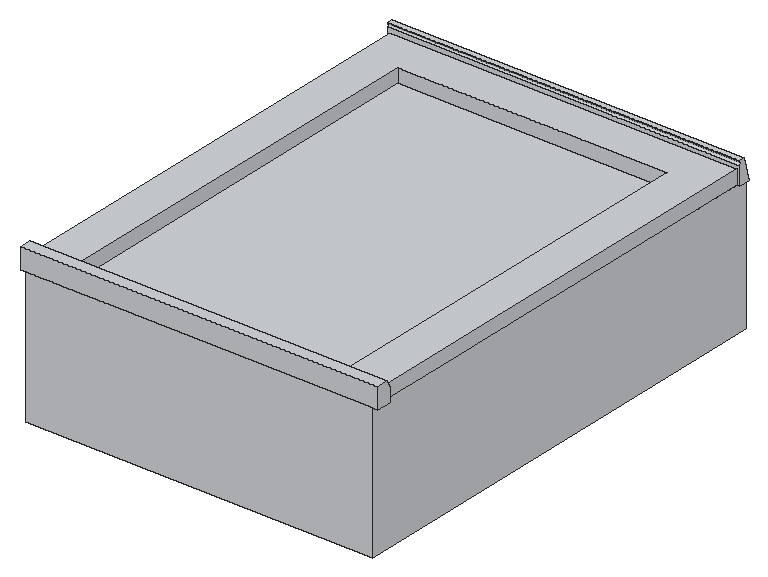
Revit family "92cd1ad7f5e244d4898610796e217dc6", category Generic Models, host Face, Revit 2021
Family settings
  Host = Face
  Can host rebar = No
  Round Connector Dimension = Use Diameter
  Part Type = Normal
  Cut with Voids When Loaded = No
  Shared = Yes
  Room Calculation Point = No
Parameters (values of type "Standard")
  Trim Width = 0' - 3 1/2"
  Trim Thickness = 0' - 1 1/4"
  Trim Material [instance] = none
  Sill Thickness = 0' - 1 1/4"
  Opening Width [instance] = 2' - 0"
  Opening Height [instance] = 3' - 0"
  Default Elevation = 4' - 0"
  Decorative Drip Cap Thickness = 0' - 0 15/16"
  Decorative Drip Cap Depth = Trim Thickness + 0' 0 3/4"  # 0' - 2"
Reference planes (in)
  plane 1 "Center (Front/Back)": y = 0
  plane 2: z = 0
  plane 3 "Center (Left/Right)": x = 0
  plane 4: y = 3.5
  plane 5 "Left": x = -12
  plane 6 "Right": x = 12
  plane 7 "Bottom": y = -36
  plane 8: x = 15.5
  plane 9 "1": x = -15.5
  plane 10: z = 1.25
  plane 11: x = 16
  plane 12: x = -16
  plane 13: y = -37.25
  plane 14: z = 0.5
  plane 15: y = -18
  plane 16: y = 4.4375
  plane 17: z = 1.875
  plane 18: x = -15.75
  plane 19: x = 15.75
  plane 20: z = 2
  plane 21: y = 3.96875
  plane 22: z = 1.625
  plane 23: z = 1.875
  plane 24: z = 1.75
Forms (in)
  Extrusion 1, solid
    sketch origin (0, 0, 0) x (1, 0, 0) y (0, 1, 0)
      loop
        line (-15.5, 4.4375) -> (-15.5, -37.25) -> (15.5, -37.25) -> (15.5, 4.4375) -> (-15.5, 4.4375)
    from 0 to -12
  Extrusion 2, solid, material <- "Trim Material"
    sketch origin (0, 0, 0) x (1, 0, 0) y (0, 1, 0)
      loop
        line (-15.5, -36) -> (-12, -36) -> (-12, 0) -> (12, 0) -> (12, -36) -> (15.5, -36) -> (15.5, 3.5) -> (-15.5, 3.5) -> (-15.5, -36)
    from 0 to 1.25
  Extrusion 3, solid, material <- "Trim Material"
    sketch origin (0, 0, 0) x (0, 1, 0) y (0, 0, 1)
      loop
        line (-36, 0) -> (-36, 1.25) -> (-36.22748, 1.875) -> (-37.25, 1.875) -> (-37.25, 0) -> (-36, 0)
    from -16 to 16
  Extrusion 4, solid, material <- "Trim Material"
    sketch origin (-15.5, 0, 0) x (0, -1, 0) y (0, 0, 1)
      loop
        line (-4.4375, 0) -> (-3.5, 0) -> (-3.5, 1.625)
        arc (-3.5, 1.625) -> (-3.625, 1.75) -> (-3.5, 1.875) r 0.125
        line (-3.5, 1.875) -> (-3.5, 2) -> (-3.96875, 2) -> (-4.4375, 0)
    from -31.25 to 0.25
Dimensions and locks (in)
  equal spacing: plane 5 "Left", plane 3 "Center (Left/Right)", plane 6 "Right"
  "Opening Width": plane 5 "Left" to plane 6 "Right"
  "Opening Height": plane 7 "Bottom" to plane 1 "Center (Front/Back)"
  "Trim Width": plane 9 "1" to plane 5 "Left"
  "Trim Width": plane 6 "Right" to plane 8
  "Trim Width": plane 1 "Center (Front/Back)" to plane 4
  plane 12 to plane 9 "1" = 0' - 0 1/2"
  locked: plane 8 to plane 11 at 0.5
  locked: plane 14 to plane 2 at 0.5
  equal spacing: plane 7 "Bottom", plane 15, plane 1 "Center (Front/Back)"
  "Trim Thickness": plane 10 to plane 2
  "Sill Thickness": plane 7 "Bottom" to plane 13
  "Decorative Drip Cap Thickness": plane 16 to plane 4
  locked: plane 17 to plane 10 at 0.625
  locked: plane 18 to plane 9 "1" at 0.25
  locked: plane 8 to plane 19 at 0.25
  equal spacing: plane 16, plane 21, plane 4
  equal spacing: plane 20, plane 22, plane 10
  equal spacing: plane 20, plane 23, plane 24, plane 22
  "Decorative Drip Cap Depth": plane 20 to plane 2
  radius of Extrusion 4 sketch curve = 0' - 0 1/8"
  locked: Extrusion 3 sketch curve to plane 7 "Bottom" (angle 20.00°)
  aligned and locked: plane 2 to Extrusion 1
  aligned and locked: level to Extrusion 1
  aligned and locked: Extrusion 2 sketch curve to plane 5 "Left"
  aligned and locked: Extrusion 2 sketch curve to plane 9 "1"
  aligned and locked: plane 7 "Bottom" to Extrusion 2 sketch curve  (x2)
  aligned and locked: plane 1 "Center (Front/Back)" to Extrusion 2 sketch curve
  aligned and locked: plane 8 to Extrusion 2 sketch curve
  aligned and locked: Extrusion 2 sketch curve to plane 6 "Right"
  aligned and locked: plane 10 to Extrusion 2
  aligned and locked: Extrusion 3 sketch curve to level
  aligned and locked: plane 7 "Bottom" to Extrusion 3 sketch curve
  aligned and locked: plane 12 to Extrusion 3
  aligned and locked: Extrusion 3 to plane 11
  aligned and locked: Extrusion 2 sketch curve to plane 4
  aligned and locked: plane 17 to Extrusion 3 sketch curve
  aligned and locked: Extrusion 4 to plane 18
  aligned and locked: plane 19 to Extrusion 4
  aligned and locked: plane 2 to Extrusion 4 sketch curve  (x2)
  aligned and locked: plane 16 to Extrusion 4 sketch curve
  aligned and locked: plane 4 to Extrusion 4 sketch curve  (x3)
  aligned and locked: plane 21 to Extrusion 4 sketch curve
  aligned and locked: Extrusion 4 sketch curve to plane 20
  aligned and locked: plane 20 to Extrusion 4 sketch curve
  aligned and locked: plane 24 to Extrusion 4 sketch curve
Automatic sketch dimensions
  Extrusion 1 sketch curve to Extrusion 1 sketch curve = 2' - 7"
  Extrusion 1 sketch curve to Extrusion 1 sketch curve = 3' - 5 11/16"
  Extrusion 3 sketch curve to plane 13 = 0' - 0"
  Extrusion 3 sketch curve to plane 10 = 0' - 0"
